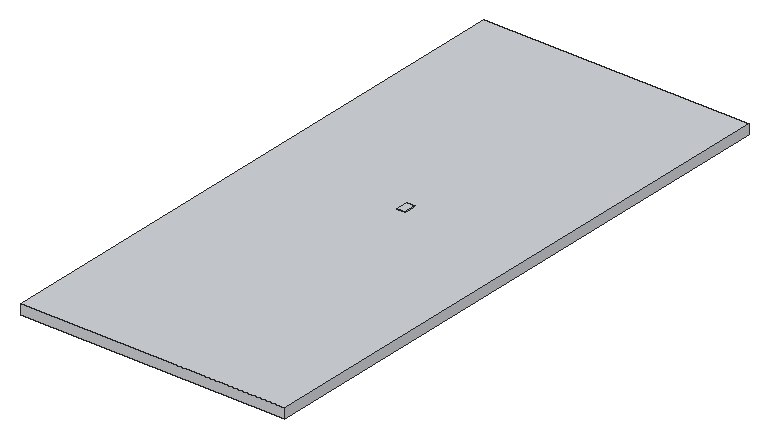
Revit family "M_Rectangular Face Opening Solid", category Generic Models, host Face, Revit 2022
Family settings
  Host = Face
  Can host rebar = No
  Round Connector Dimension = Use Diameter
  Part Type = Normal
  OmniClass Number = 23.30.00.00
  OmniClass Title = Openings, Passages, Protection
  Cut with Voids When Loaded = Yes
  Maintain Annotation Orientation = No
  Shared = No
  Room Calculation Point = No
Parameters (values of type "Rectangular Face Opening")
  isRotated [instance] = yes
  h [instance] = 300 mm
  b [instance] = 200 mm
  U.K_#World [instance] = Opening Absolute Level - Height / 2  # -150 mm
  U.K_#Project [instance] = Opening Elevation - Height / 2  # -150 mm
  U.K_#Link [instance] = ##Middle Elevation - Height / 2  # -150 mm
  Slope Shift_Plan [instance] = Width_help / 2  # 100 mm
  Slope Shift_Front_Back [instance] = if(or(Rotate = 90.00°, Rotate = 270.00°), (Width_help - Additional Bottom Cut Offset + Additional Top Cut Offset) / 2, Width / 2)  # 100 mm
  Slope Shift_Left_Right [instance] = if(Slope = 0.00°, if(or(Rotate = 0.00°, Rotate = 180.00°), HT, Height_help / 2), (if(or(Rotate = 90.00°, Rotate = 270.00°), Width / cos(Slope) / 2 - (Depth with Offset * tan(Slope)), Height_help w_o add offsets / cos(Slope) / 2 - (Depth with Offset * tan(Slope)) + if(Additional Top Cut Offset > 0 mm, Additional Top Cut Offset / cos(Slope), 0 mm)))) + (tan(Slope) * Depth with Offset) + if(Rotate = 0.00°, Additional Bottom Cut Offset - Additional Top Cut Offset, 0 mm)  # 150 mm
  Width_help [instance] = if(or(Rotate = 90.00°, Rotate = 270.00°), Height, Width)  # 200 mm
  Subcategory = "Cut Opening"  # constant formula
  Slope_Help [instance] = if(Face Offset_True = 0 mm, 2 mm, 1 mm)  # 2 mm
  Slope [instance] = 0.00°  # constant formula
  Opening Elevation [instance] = 0 mm
  Opening Area [instance] = Width * Height  # 0.06 m²
  Opening Absolute Level [instance] = 0 mm
  MEP - Comment [instance] = "-"
  Inspect [instance] = yes
  Height_help w_o add offsets [instance] = if(h > 2 mm, h + 2 * Cut Offset, 2 mm)  # 300 mm
  Width [instance] = if(b > 2 mm, b + 2 * Cut Offset, 2 mm)  # 200 mm
  Top Length [instance] = if(Face Offset_True = 0 mm, if(Lengthen / 1 * tan(Slope_T) < 2 mm, 0 mm, Lengthen / 1 * tan(Slope_T)), 0 mm)  # 0 mm
  Slope_T [instance] = if(and(not(Slope < 0.00°), Slope < 85.00°), Slope, 0.00°)  # 0.00°
  Rotate_T [instance] = -Rotate  # 0.00°
  Rotate [instance] = 0.00°  # constant formula
  Opening Offset Z [instance] = (-(Additional Top Cut Offset - Additional Bottom Cut Offset) / 2) * sin(Rotate)  # 0 mm
  Opening Offset X [instance] = (-(Additional Top Cut Offset - Additional Bottom Cut Offset) / 2) * cos(Rotate)  # 0 mm
  Lengthen [instance] = if(Height > Width, Height, Width)  # 300 mm
  Height_help [instance] = if(or(Rotate = 90.00°, Rotate = 270.00°), Width / cos(Slope), Height / cos(Slope))  # 300 mm
  HT [instance] = (h / 2 + 1 * Cut Offset + Additional Top Cut Offset) / sin(Angle)  # 150 mm
  HB [instance] = (h / 2 + 1 * Cut Offset + Additional Bottom Cut Offset) / sin(Angle)  # 150 mm
  Filled Region = yes
  Lines [instance] = not(Filled Region)  # no
  Face Offset_Positive [instance] = if(Face Offset_True > 0 mm, Face Offset_True, 0 mm)  # 0 mm
  Face Offset_Negative [instance] = if(Face Offset_True < 0 mm, -Face Offset_True, 0 mm)  # 0 mm
  Face Offset_True [instance] = if(Slope = 0.00°, Face Offset, 0 mm)  # 0 mm
  Face Offset [instance] = 0 mm  # constant formula
  Extrude End [instance] = -Depth_True  # -250 mm
  Detail - Yes / No [instance] = no
  Description = "G"
  Depth_True [instance] = if(Depth with Offset + Face Offset_True > 2 mm, Depth with Offset + Face Offset_True, 2 mm)  # 250 mm
  Depth with Offset [instance] = Depth + Depth Offset  # 250 mm
  Depth Offset [instance] = 0 mm  # constant formula
  Depth [instance] = 250 mm
  Dashed Outline = yes
  Bottom Length [instance] = if(Depth with Offset > 2 mm, Depth with Offset / sin(Angle), 2 mm) + Lengthen / 1 * tan(Slope_T)  # 250 mm
  Height_True [instance] = Height / sin(Angle)  # 300 mm
  Height [instance] = if(h > 2.032 mm, h + 2 * Cut Offset + Additional Top Cut Offset + Additional Bottom Cut Offset, 2.032 mm)  # 300 mm
  Default Elevation = 0 mm
  Cut Offset [instance] = 0 mm  # constant formula
  BPM_txt2 [instance] = ""
  BPM_txt1 [instance] = ""
  BPM_bool2 [instance] = no
  BPM_bool1 [instance] = no
  Assembly Code = ""
  Angle [instance] = 90.00° - Slope_T  # 90.00°
  Additional Top Cut Offset [instance] = 0 mm  # constant formula
  Additional Bottom Cut Offset [instance] = 0 mm  # constant formula
  ##Reference Level [instance] = ""
  ##Middle Elevation [instance] = 0 mm
Reference planes
  plane 1 "Center (Front/Back)": y = 0
  plane 2: z = 0
  plane 3 "Center (Left/Right)": x = 0
  plane 4: x = -100
  plane 5: x = 100
  plane 6: y = -150
  plane 7: y = 150
  plane 8 "Graphical Elements Movement Help": y = -150
  plane 9 "Graphical Elements Movement Help 2": x = -100
  plane 10 "Face Offset_Negative": z = 0
  plane 11 "Face Offset_Positive": z = 0
  plane 12 "Graphical Elements Movement Help 3": x = 0
Forms (mm)
  Extrusion 1, solid
    sketch origin (0, 0, 0) x (1, 0, 0) y (0, 1, 0)
      loop
        line (-3545.185, 6900) -> (-3545.185, -7832.283) -> (3196.862, -7832.283) -> (3196.862, 6900) -> (-3545.185, 6900)
    from 0 to -250 <- "Extrude End"
  Sweep 2, solid
    path in 3D
      loop
        line (0, 0, -250) -> (0, 0, -2) -> (0, 0, 0)
    profile "Rertangular Profile : Rertangular Profile" origin (0, 0, -1) x (0, -1, 0) y (1, 0, 0)
      loop
        line (-150, 100) -> (-150, -100) -> (150, -100) -> (150, 100) -> (-150, 100)
Lines and regions (mm)
  reference lines
    curve 1: line (0, 0, -2) -> (0, 0, 0)
    curve 2: line (0, 0, -2) -> (0, 0, -250)
  sketch lines
    curve 3: line (0, 0, -2) -> (0, 0, 0)
    curve 4: line (0, 0, -2) -> (0, 0, -250)
Dimensions and locks
  equal spacing: plane 4, plane 3 "Center (Left/Right)", plane 5
  "Width": plane 4 to plane 5
  "Height_True": plane 7 to plane 6
  "Bottom Length": plane 2 to curve 2
  "Top Length": plane 10 "Face Offset_Negative" to curve 1
  "HT": plane 1 "Center (Front/Back)" to plane 7
  "HB": plane 1 "Center (Front/Back)" to plane 6
  plane 1 "Center (Front/Back)" to plane 8 "Graphical Elements Movement Help" = 150 mm
  "Slope Shift_Front_Back": plane 3 "Center (Left/Right)" to plane 9 "Graphical Elements Movement Help 2"
  "Face Offset_Positive": plane 11 "Face Offset_Positive" to plane 2
  "Face Offset_Negative": plane 11 "Face Offset_Positive" to plane 10 "Face Offset_Negative"
  "Slope_Help": plane 10 "Face Offset_Negative" to curve 1
  "Slope Shift_Left_Right": plane 8 "Graphical Elements Movement Help" to plane 1 "Center (Front/Back)"
  "Slope Shift_Plan": plane 9 "Graphical Elements Movement Help 2" to plane 12 "Graphical Elements Movement Help 3"
  "Width_help": plane 9 "Graphical Elements Movement Help 2" to nested 1
  "Width_help": plane 9 "Graphical Elements Movement Help 2" to nested 7
  "Angle": angle curve 2 to level
  "Angle": angle curve 1 to level
  aligned and locked: Extrusion 1 to plane 2
  aligned and locked: Extrusion 1 to level
  aligned and locked: plane 1 "Center (Front/Back)" to curve 2
  aligned and locked: plane 9 "Graphical Elements Movement Help 2" to nested 2
  aligned and locked: plane 9 "Graphical Elements Movement Help 2" to nested 4
  aligned and locked: nested 4 to plane 10 "Face Offset_Negative"
  aligned and locked: nested 2 to plane 10 "Face Offset_Negative"
  aligned and locked: nested 8 to plane 10 "Face Offset_Negative"
  aligned and locked: nested 6 to plane 8 "Graphical Elements Movement Help"
  aligned and locked: nested 6 to plane 10 "Face Offset_Negative"
  aligned and locked: nested 5 to plane 8 "Graphical Elements Movement Help"
  aligned and locked: nested 5 to plane 10 "Face Offset_Negative"
  aligned and locked: nested 9 to plane 8 "Graphical Elements Movement Help"
  aligned and locked: nested 9 to plane 10 "Face Offset_Negative"
  aligned and locked: nested 3 to plane 8 "Graphical Elements Movement Help"
  aligned and locked: plane 9 "Graphical Elements Movement Help 2" to nested 8
  aligned and locked: nested 3 to plane 12 "Graphical Elements Movement Help 3"
  aligned and locked: nested 1 to plane 8 "Graphical Elements Movement Help"
  aligned and locked: nested 7 to plane 8 "Graphical Elements Movement Help"
Automatic sketch dimensions
  Extrusion 1 sketch curve to Extrusion 1 sketch curve = 6742.047 mm
  Extrusion 1 sketch curve to Extrusion 1 sketch curve = 14732.283 mm
Nested families
  nested 1: "Opening Lines - Front" at (100, -150, 0) x (-1, 0, 0) z (0, 0, 1), Width_or_Height <- "Width_help", Depth <- "Height_help", visible <- "Lines", type "Standard"
    with Width_or_Height_True 200 mm, Width_or_Height 200 mm, Test Angle q 60.00°, Test Angle p 135.00°, Side Length 300 mm, Region Visible yes, built-in parameter 1001306 0.65617 (stored number, unit not read), Diagonal q 360.555 mm, Diagonal p 360.555 mm, Depth_True 300 mm, Depth 300 mm, Coeff2 1.5, Coeff1 0.66667, Angle_True 90.00°, Angle 90.00°
  nested 2: "Opening Region - Front" at (-100, 0, 0) x (1, 0, 0) z (0, -1, 0), Width_or_Height <- "Width_help", Depth <- "Depth_True", visible <- "Filled Region", type "Standard"
    with Width_or_Height_True 200 mm, Width_or_Height 200 mm, Test Angle q 72.00°, Test Angle p 112.50°, Side Length 250 mm, Region Visible yes, built-in parameter 1001306 0.65617 (stored number, unit not read), Diagonal q 320.156 mm, Diagonal p 320.156 mm, Depth_True 250 mm, Depth 250 mm, Coeff2 1.25, Coeff1 0.8, Angle_True 90.00°, Angle 90.00°
  nested 3: "Opening Region - Plan" at (0, -150, 0) x (-1, 0, 0) z (0, 0, 1), Width <- "Width_help", Depth_Height <- "Height_help", visible <- "Filled Region", type "Standard"
    with Width 200 mm, Depth_Height 300 mm, Depth_4 50 mm, Depth_2 100 mm
  nested 4: "Opening Lines - Front" at (-100, 0, 0) x (1, 0, 0) z (0, -1, 0), Width_or_Height <- "Width_help", Depth <- "Depth_True", visible <- "Lines", type "Standard"
    with Width_or_Height_True 200 mm, Width_or_Height 200 mm, Test Angle q 72.00°, Test Angle p 112.50°, Side Length 250 mm, Region Visible yes, built-in parameter 1001306 0.65617 (stored number, unit not read), Diagonal q 320.156 mm, Diagonal p 320.156 mm, Depth_True 250 mm, Depth 250 mm, Coeff2 1.25, Coeff1 0.8, Angle_True 90.00°, Angle 90.00°
  nested 5: "Opening Region - Front" at (0, -150, 0) x (0, 1, 0) z (1, 0, 0), Width_or_Height <- "Height_help", Depth <- "Depth_True", Angle <- "Angle", visible <- "Filled Region", type "Standard"
    with Width_or_Height_True 300 mm, Width_or_Height 300 mm, Test Angle q 108.00°, Test Angle p 75.00°, Side Length 250 mm, Region Visible yes, built-in parameter 1001306 0.98425 (stored number, unit not read), Diagonal q 390.512 mm, Diagonal p 390.512 mm, Depth_True 250 mm, Depth 250 mm, Coeff2 0.83333, Coeff1 1.2, Angle_True 90.00°, Angle 90.00°
  nested 6: "Opening Lines - Front" at (0, -150, 0) x (0, 1, 0) z (1, 0, 0), Width_or_Height <- "Height_help", Depth <- "Depth_True", Angle <- "Angle", visible <- "Lines", type "Standard"
    with Width_or_Height_True 300 mm, Width_or_Height 300 mm, Test Angle q 108.00°, Test Angle p 75.00°, Side Length 250 mm, Region Visible yes, built-in parameter 1001306 0.98425 (stored number, unit not read), Diagonal q 390.512 mm, Diagonal p 390.512 mm, Depth_True 250 mm, Depth 250 mm, Coeff2 0.83333, Coeff1 1.2, Angle_True 90.00°, Angle 90.00°
  nested 7: "Opening Outlines - Front" at (100, -150, 0) x (-1, 0, 0) z (0, 0, 1), Width_or_Height <- "Width_help", Depth <- "Height_help", visible <- "Dashed Outline", type "Standard"
    with Width_or_Height_True 200 mm, Width_or_Height 200 mm, Test Angle q 60.00°, Test Angle p 135.00°, Side Length 300 mm, Region Visible yes, built-in parameter 1001306 0.65617 (stored number, unit not read), Diagonal q 360.555 mm, Diagonal p 360.555 mm, Depth_True 300 mm, Depth 300 mm, Coeff2 1.5, Coeff1 0.66667, Angle_True 90.00°, Angle 90.00°
  nested 8: "Opening Outlines - Front" at (-100, 0, 0) x (1, 0, 0) z (0, -1, 0), Width_or_Height <- "Width_help", Depth <- "Depth_True", visible <- "Dashed Outline", type "Standard"
    with Width_or_Height_True 200 mm, Width_or_Height 200 mm, Test Angle q 72.00°, Test Angle p 112.50°, Side Length 250 mm, Region Visible yes, built-in parameter 1001306 0.65617 (stored number, unit not read), Diagonal q 320.156 mm, Diagonal p 320.156 mm, Depth_True 250 mm, Depth 250 mm, Coeff2 1.25, Coeff1 0.8, Angle_True 90.00°, Angle 90.00°
  nested 9: "Opening Outlines - Front" at (0, -150, 0) x (0, 1, 0) z (1, 0, 0), Width_or_Height <- "Height_help", Depth <- "Depth_True", Angle <- "Angle", visible <- "Dashed Outline", type "Standard"
    with Width_or_Height_True 300 mm, Width_or_Height 300 mm, Test Angle q 108.00°, Test Angle p 75.00°, Side Length 250 mm, Region Visible yes, built-in parameter 1001306 0.98425 (stored number, unit not read), Diagonal q 390.512 mm, Diagonal p 390.512 mm, Depth_True 250 mm, Depth 250 mm, Coeff2 0.83333, Coeff1 1.2, Angle_True 90.00°, Angle 90.00°
Definition of nested family "Opening Lines - Front"
  Parameters (values of type "Standard")
    Width_or_Height_True [instance] = if(Width_or_Height < 2 mm, 2 mm, if(or(0.5 * Diagonal q < 1 mm, 0.5 * Diagonal q < 1 mm), 2 mm, Width_or_Height))  # 15000 mm
    Width_or_Height [instance] = 15000 mm
    Test Angle q [instance] = Coeff1 * Angle  # 2700.00°
    Test Angle p [instance] = Coeff2 * Angle  # 3.00°
    Side Length [instance] = Depth / sin(Angle)  # 500 mm
    Region Visible [instance] = if(Angle < 20.00°, 1 = 0, if(or(Test Angle q < 3.00°, Test Angle p < 3.00°), 1 = 0, if(or(Width_or_Height < 2 mm, Depth < 2 mm), 1 = 0, if(or(0.5 * Diagonal q < 1 mm, 0.5 * Diagonal q < 1 mm), 1 = 0, 1 = 1))))  # yes
    built-in parameter 1001306 [instance] = Width_or_Height_True  # 49.213 (stored number, unit not read)
    Diagonal q [instance] = if(Angle < 90.00°, sqrt(Side Length ^ 2 + Width_or_Height ^ 2 + 2 * Width_or_Height * Side Length * cos(Angle)), sqrt(Side Length ^ 2 + Width_or_Height ^ 2 - 2 * Width_or_Height * Side Length * cos(Angle)))  # 15008.331 mm
    Diagonal p [instance] = if(Angle < 90.00°, sqrt(Side Length ^ 2 + Width_or_Height ^ 2 - 2 * Width_or_Height * Side Length * cos(Angle)), sqrt(Side Length ^ 2 + Width_or_Height ^ 2 + 2 * Width_or_Height * Side Length * cos(Angle)))  # 15008.331 mm
    Depth_True [instance] = if(or(Test Angle q < 2.00°, Test Angle p < 2.00°), Width_or_Height, if(Depth < 2 mm, 2 mm, if(or(0.5 * Diagonal q < 1 mm, 0.5 * Diagonal q < 1 mm), Width_or_Height_True, Depth)))  # 500 mm
    Depth [instance] = 500 mm
    Coeff2 [instance] = Depth / Width_or_Height  # 0.033333
    Coeff1 [instance] = Width_or_Height / Depth  # 30
    Angle_True [instance] = if(Angle < 20.00°, 90.00°, if(or(Test Angle q < 3.00°, Test Angle p < 3.00°), 90.00°, if(or(0.5 * Diagonal q < 1 mm, 0.5 * Diagonal q < 1 mm), 90.00°, Angle)))  # 90.00°
    Angle [instance] = 90.00°
  Reference planes
    plane 1 "Center (Front/Back)": y = 0
    plane 2: z = 0
    plane 3 "Left": x = 0
    plane 4 "Right": x = 15000
    plane 5 "Bottom center": y = -500
  Lines and regions (mm)
    reference lines, in view "Ref. Level"
      curve 1: line (0, 0, 0) -> (15000, 0, 0)
      curve 2: line (15000, 0, 0) -> (15000, -500, 0)
      curve 3: line (0, 0, 0) -> (0, -500, 0)
      curve 4: line (0, 0, 0) -> (15000, -500, 0)
      curve 5: line (0, -500, 0) -> (15000, 0, 0)
    detail lines, in view "Ref. Level"
      curve 6: line (15000, 0, 0) -> (0, -500, 0)
      curve 7: line (0, 0, 0) -> (15000, -500, 0)
  Dimensions and locks
    plane 3 "Left" to plane 4 "Right" = 15000 mm
    "Depth_True": plane 1 "Center (Front/Back)" to plane 5 "Bottom center"
    "Width_or_Height_True": plane 3 "Left" to plane 4 "Right"
    "Angle_True": angle plane 5 "Bottom center" to curve 2
    "Angle_True": angle plane 5 "Bottom center" to curve 3
    aligned and locked: plane 4 "Right" to curve 1
    aligned and locked: plane 3 "Left" to curve 1
    aligned and locked: curve 2 to plane 5 "Bottom center"
    aligned and locked: plane 1 "Center (Front/Back)" to curve 1
    aligned and locked: curve 5 to curve 6
    aligned and locked: curve 7 to curve 4  (x2)
    aligned and locked: curve 6 to curve 5
  Automatic sketch dimensions
    curve 5 to plane 5 "Bottom center" = 0 mm
    curve 6 to plane 5 "Bottom center" = 0 mm
    plane 1 "Center (Front/Back)" to curve 7 = 0 mm
    curve 7 to plane 5 "Bottom center" = 0 mm
    plane 1 "Center (Front/Back)" to curve 6 = 0 mm
Definition of nested family "Opening Region - Front"
  Parameters (values of type "Standard")
    Width_or_Height_True [instance] = if(Width_or_Height < 2 mm, 2 mm, if(or(0.5 * Diagonal q < 1 mm, 0.5 * Diagonal q < 1 mm), 2 mm, Width_or_Height))  # 11000 mm
    Width_or_Height [instance] = 11000 mm
    Test Angle q [instance] = Coeff1 * Angle  # 4950.00°
    Test Angle p [instance] = Coeff2 * Angle  # 1.63636°
    Side Length [instance] = Depth / sin(Angle)  # 200 mm
    Region Visible [instance] = if(Angle < 20.00°, 1 = 0, if(or(Test Angle q < 3.00°, Test Angle p < 3.00°), 1 = 0, if(or(Width_or_Height < 2 mm, Depth < 2 mm), 1 = 0, if(or(0.5 * Diagonal q < 1 mm, 0.5 * Diagonal q < 1 mm), 1 = 0, 1 = 1))))  # no
    built-in parameter 1001306 [instance] = Width_or_Height_True  # 36.089 (stored number, unit not read)
    Diagonal q [instance] = if(Angle < 90.00°, sqrt(Side Length ^ 2 + Width_or_Height ^ 2 + 2 * Width_or_Height * Side Length * cos(Angle)), sqrt(Side Length ^ 2 + Width_or_Height ^ 2 - 2 * Width_or_Height * Side Length * cos(Angle)))  # 11001.818 mm
    Diagonal p [instance] = if(Angle < 90.00°, sqrt(Side Length ^ 2 + Width_or_Height ^ 2 - 2 * Width_or_Height * Side Length * cos(Angle)), sqrt(Side Length ^ 2 + Width_or_Height ^ 2 + 2 * Width_or_Height * Side Length * cos(Angle)))  # 11001.818 mm
    Depth_True [instance] = if(or(Test Angle q < 2.00°, Test Angle p < 2.00°), Width_or_Height, if(Depth < 2 mm, 2 mm, if(or(0.5 * Diagonal q < 1 mm, 0.5 * Diagonal q < 1 mm), Width_or_Height_True, Depth)))  # 11000 mm
    Depth [instance] = 200 mm
    Coeff2 [instance] = Depth / Width_or_Height  # 0.018182
    Coeff1 [instance] = Width_or_Height / Depth  # 55
    Angle_True [instance] = if(Angle < 20.00°, 90.00°, if(or(Test Angle q < 3.00°, Test Angle p < 3.00°), 90.00°, if(or(0.5 * Diagonal q < 1 mm, 0.5 * Diagonal q < 1 mm), 90.00°, Angle)))  # 90.00°
    Angle [instance] = 90.00°
  Reference planes
    plane 1 "Center (Front/Back)": y = 0
    plane 2: z = 0
    plane 3 "Left": x = 0
    plane 4 "Right": x = 11000
    plane 5: y = -11000
  Lines and regions (mm)
    Filled region 1, type "Solid Fill - Black", in view "Ref. Level", visible <- "Region Visible"
      outline origin (0, 0, 0) x (1, 0, 0) y (0, 1, 0)
        loop
          line (11000, 0) -> (5500, -5500) -> (11000, -11000) -> (11000, 0)
    Filled region 2, type "Solid Fill - Black", in view "Ref. Level", visible <- "Region Visible"
      outline origin (0, 0, 0) x (1, 0, 0) y (0, 1, 0)
        loop
          line (0, 0) -> (0, -11000) -> (5500, -5500) -> (0, 0)
    reference lines, in view "Ref. Level"
      curve 1: line (0, 0, 0) -> (11000, 0, 0)
      curve 2: line (11000, 0, 0) -> (11000, -11000, 0)
      curve 3: line (0, 0, 0) -> (0, -11000, 0)
      curve 4: line (0, 0, 0) -> (11000, -11000, 0)
      curve 5: line (0, -11000, 0) -> (11000, 0, 0)
  Dimensions and locks
    plane 3 "Left" to plane 4 "Right" = 11000 mm  (x2)
    "Depth_True": plane 1 "Center (Front/Back)" to plane 5
    "Width_or_Height_True": plane 3 "Left" to plane 4 "Right"
    "Angle_True": angle plane 5 to curve 2
    "Angle_True": angle plane 5 to curve 3
    aligned and locked: plane 4 "Right" to curve 1
    aligned and locked: plane 3 "Left" to curve 1
    aligned and locked: curve 2 to plane 5
    aligned and locked: plane 1 "Center (Front/Back)" to curve 1
    aligned and locked: Filled region 2 sketch curve to curve 3
    aligned and locked: Filled region 2 sketch curve to curve 5
    aligned and locked: Filled region 2 sketch curve to curve 4
    aligned and locked: Filled region 1 sketch curve to curve 5
    aligned and locked: curve 4 to Filled region 1 sketch curve
    aligned and locked: Filled region 1 sketch curve to curve 2
  Automatic sketch dimensions
    curve 5 to plane 5 = 0 mm
Definition of nested family "Opening Region - Plan"
  Parameters (values of type "Standard")
    Width [instance] = 50 mm
    Depth_4 [instance] = if(Depth_Height < Width, Depth_Height / 4, Width / 4)  # 12.5 mm
    Depth_2 [instance] = if(Depth_Height < Width, Depth_Height / 2, Width / 2)  # 25 mm
    Depth_Height [instance] = 1500 mm
  Reference planes
    plane 1 "Center (Front/Back)": y = 0
    plane 2: z = 0
    plane 3 "Center (Left/Right)": x = 0
  Lines and regions (mm)
    Filled region 1, type "Concrete", in view "Ref. Level"
      outline origin (0, -260, 0) x (1, 0, 0) y (0, 1, 0)
        loop
          line (12.5, -1227.5) -> (-25, -1240) -> (25, -1240) -> (25, 260) -> (12.5, -1227.5)
  Dimensions and locks
    equal spacing: Filled region 1 sketch curve, plane 3 "Center (Left/Right)", Filled region 1 sketch curve
    "Width": Filled region 1 sketch curve to Filled region 1 sketch curve
    "Depth_Height": Filled region 1 sketch curve to plane 1 "Center (Front/Back)"
    "Depth_4": Filled region 1 sketch curve to Filled region 1 sketch curve  (x2)
    aligned and locked: plane 1 "Center (Front/Back)" to Filled region 1 sketch curve
Definition of nested family "Opening Outlines - Front"
  Parameters (values of type "Standard")
    Width_or_Height_True [instance] = if(Width_or_Height < 2 mm, 2 mm, if(or(0.5 * Diagonal q < 1 mm, 0.5 * Diagonal q < 1 mm), 2 mm, Width_or_Height))  # 20 mm
    Width_or_Height [instance] = 20 mm
    Test Angle q [instance] = Coeff1 * Angle  # 60.00°
    Test Angle p [instance] = Coeff2 * Angle  # 60.00°
    Side Length [instance] = Depth / sin(Angle)  # 23.094 mm
    Region Visible [instance] = if(Angle < 20.00°, 1 = 0, if(or(Test Angle q < 3.00°, Test Angle p < 3.00°), 1 = 0, if(or(Width_or_Height < 2 mm, Depth < 2 mm), 1 = 0, if(or(0.5 * Diagonal q < 1 mm, 0.5 * Diagonal q < 1 mm), 1 = 0, 1 = 1))))  # yes
    built-in parameter 1001306 [instance] = Width_or_Height_True  # 0.065617 (stored number, unit not read)
    Diagonal q [instance] = if(Angle < 90.00°, sqrt(Side Length ^ 2 + Width_or_Height ^ 2 + 2 * Width_or_Height * Side Length * cos(Angle)), sqrt(Side Length ^ 2 + Width_or_Height ^ 2 - 2 * Width_or_Height * Side Length * cos(Angle)))  # 37.353 mm
    Diagonal p [instance] = if(Angle < 90.00°, sqrt(Side Length ^ 2 + Width_or_Height ^ 2 - 2 * Width_or_Height * Side Length * cos(Angle)), sqrt(Side Length ^ 2 + Width_or_Height ^ 2 + 2 * Width_or_Height * Side Length * cos(Angle)))  # 21.713 mm
    Depth_True [instance] = if(or(Test Angle q < 2.00°, Test Angle p < 2.00°), Width_or_Height, if(Depth < 2 mm, 2 mm, if(or(0.5 * Diagonal q < 1 mm, 0.5 * Diagonal q < 1 mm), Width_or_Height_True, Depth)))  # 20 mm
    Depth [instance] = 20 mm
    Coeff2 [instance] = Depth / Width_or_Height  # 1
    Coeff1 [instance] = Width_or_Height / Depth  # 1
    Angle_True [instance] = if(Angle < 20.00°, 90.00°, if(or(Test Angle q < 3.00°, Test Angle p < 3.00°), 90.00°, if(or(0.5 * Diagonal q < 1 mm, 0.5 * Diagonal q < 1 mm), 90.00°, Angle)))  # 60.00°
    Angle [instance] = 60.00°
  Reference planes
    plane 1 "Center (Front/Back)": y = 0
    plane 2: z = 0
    plane 3 "Left": x = 0
    plane 4 "Right": x = 20
    plane 5 "Bottom center": y = -20
  Lines and regions (mm)
    reference lines, in view "Ref. Level"
      curve 1: line (0, 0, 0) -> (20, 0, 0)
      curve 2: line (20, 0, 0) -> (8.453, -20, 0)
      curve 3: line (0, 0, 0) -> (-11.547, -20, 0)
    detail lines, in view "Ref. Level"
      curve 4: line (-11.547, -20, 0) -> (0, 0, 0)
      curve 5: line (0, 0, 0) -> (20, 0, 0)
      curve 6: line (20, 0, 0) -> (8.453, -20, 0)
      curve 7: line (8.453, -20, 0) -> (-11.547, -20, 0)
  Dimensions and locks
    plane 3 "Left" to plane 4 "Right" = 20 mm
    "Depth_True": plane 1 "Center (Front/Back)" to plane 5 "Bottom center"
    "Width_or_Height_True": plane 3 "Left" to plane 4 "Right"
    "Angle_True": angle plane 5 "Bottom center" to curve 2
    "Angle_True": angle plane 5 "Bottom center" to curve 3
    aligned and locked: plane 4 "Right" to curve 1
    aligned and locked: plane 3 "Left" to curve 1
    aligned and locked: plane 5 "Bottom center" to curve 2
    aligned and locked: plane 1 "Center (Front/Back)" to curve 1
    aligned and locked: plane 1 "Center (Front/Back)" to curve 5
    aligned and locked: curve 6 to curve 2
    aligned and locked: plane 5 "Bottom center" to curve 7
    aligned and locked: curve 4 to curve 3
